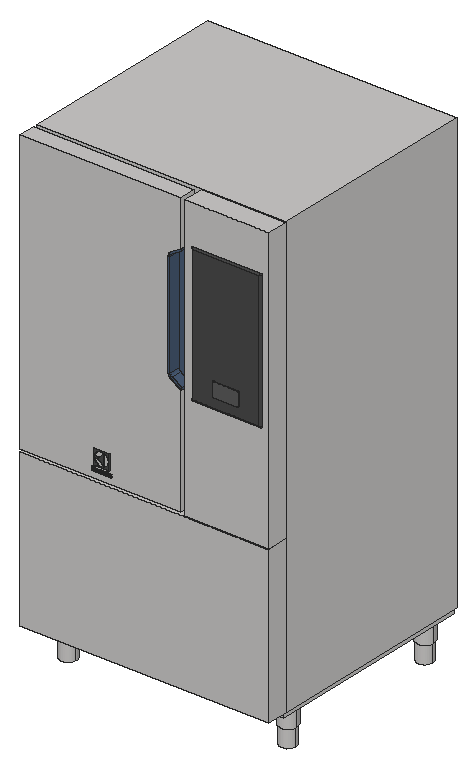
Revit family "QF_ELECTROLUXPROFESSIONAL_725077_EBFA11EP2P", category Specialty Equipment, Revit 2018 (continued)
Automatic sketch dimensions
  Split face 146 sketch curve to Extrusion 4 = 242.501 mm
  Split face 146 sketch curve to Split face 146 sketch curve = 4.974 mm
  Split face 147 sketch curve to Extrusion 4 = 392.465 mm
  Split face 147 sketch curve to Split face 147 sketch curve = 110.016 mm
  Split face 147 sketch curve to Extrusion 4 = 252.001 mm
  Split face 147 sketch curve to Split face 147 sketch curve = 4.974 mm
  Split face 148 sketch curve to Extrusion 4 = 392.465 mm
  Split face 148 sketch curve to Split face 148 sketch curve = 110.016 mm
  Split face 148 sketch curve to Extrusion 4 = 261.501 mm
  Split face 148 sketch curve to Split face 148 sketch curve = 4.974 mm
  Split face 149 sketch curve to Extrusion 4 = 392.465 mm
  Split face 149 sketch curve to Split face 149 sketch curve = 110.016 mm
  Split face 149 sketch curve to Extrusion 4 = 271.001 mm
  Split face 149 sketch curve to Split face 149 sketch curve = 4.974 mm
  Split face 150 sketch curve to Extrusion 4 = 392.465 mm
  Split face 150 sketch curve to Split face 150 sketch curve = 110.016 mm
  Split face 150 sketch curve to Extrusion 4 = 279.479 mm
  Split face 150 sketch curve to Split face 150 sketch curve = 4.974 mm
  Split face 151 sketch curve to Extrusion 4 = 392.465 mm
  Split face 151 sketch curve to Split face 151 sketch curve = 110.016 mm
  Split face 151 sketch curve to Extrusion 4 = 269.979 mm
  Split face 151 sketch curve to Split face 151 sketch curve = 4.974 mm
  Split face 152 sketch curve to Extrusion 4 = 392.465 mm
  Split face 152 sketch curve to Split face 152 sketch curve = 110.016 mm
  Split face 152 sketch curve to Extrusion 4 = 260.479 mm
  Split face 152 sketch curve to Split face 152 sketch curve = 4.974 mm
  Split face 153 sketch curve to Extrusion 4 = 392.465 mm
  Split face 153 sketch curve to Split face 153 sketch curve = 110.016 mm
  Split face 153 sketch curve to Extrusion 4 = 250.978 mm
  Split face 153 sketch curve to Split face 153 sketch curve = 4.974 mm
  Split face 154 sketch curve to Extrusion 4 = 392.465 mm
  Split face 154 sketch curve to Split face 154 sketch curve = 110.016 mm
  Split face 154 sketch curve to Extrusion 4 = 241.478 mm
  Split face 154 sketch curve to Split face 154 sketch curve = 4.974 mm
  Split face 155 sketch curve to Extrusion 4 = 392.465 mm
  Split face 155 sketch curve to Split face 155 sketch curve = 110.016 mm
  Split face 155 sketch curve to Extrusion 4 = 231.978 mm
  Split face 155 sketch curve to Split face 155 sketch curve = 4.974 mm
  Split face 156 sketch curve to Extrusion 4 = 392.465 mm
  Split face 156 sketch curve to Split face 156 sketch curve = 110.016 mm
  Split face 156 sketch curve to Extrusion 4 = 222.478 mm
  Split face 156 sketch curve to Split face 156 sketch curve = 4.974 mm
  Split face 157 sketch curve to Extrusion 4 = 392.465 mm
  Split face 157 sketch curve to Split face 157 sketch curve = 110.016 mm
  Split face 157 sketch curve to Extrusion 4 = 212.978 mm
  Split face 157 sketch curve to Split face 157 sketch curve = 4.974 mm
  Split face 158 sketch curve to Extrusion 4 = 392.465 mm
  Split face 158 sketch curve to Split face 158 sketch curve = 110.016 mm
  Split face 158 sketch curve to Extrusion 4 = 203.478 mm
  Split face 158 sketch curve to Split face 158 sketch curve = 4.974 mm
  Split face 159 sketch curve to Extrusion 4 = 193.978 mm
  Split face 159 sketch curve to Extrusion 4 = 392.465 mm
  Split face 159 sketch curve to Split face 159 sketch curve = 110.016 mm
  Split face 159 sketch curve to Split face 159 sketch curve = 4.974 mm
  Split face 160 sketch curve to Extrusion 4 = 184.478 mm
  Split face 160 sketch curve to Extrusion 4 = 392.465 mm
  Split face 160 sketch curve to Split face 160 sketch curve = 110.016 mm
  Split face 160 sketch curve to Split face 160 sketch curve = 4.974 mm
  Split face 161 sketch curve to Extrusion 4 = 174.978 mm
  Split face 161 sketch curve to Extrusion 4 = 392.465 mm
  Split face 161 sketch curve to Split face 161 sketch curve = 110.016 mm
  Split face 161 sketch curve to Split face 161 sketch curve = 4.974 mm
  Split face 162 sketch curve to Extrusion 4 = 165.478 mm
  Split face 162 sketch curve to Extrusion 4 = 392.465 mm
  Split face 162 sketch curve to Split face 162 sketch curve = 110.016 mm
  Split face 162 sketch curve to Split face 162 sketch curve = 4.974 mm
  Split face 163 sketch curve to Extrusion 4 = 155.978 mm
  Split face 163 sketch curve to Extrusion 4 = 392.465 mm
  Split face 163 sketch curve to Split face 163 sketch curve = 110.016 mm
  Split face 163 sketch curve to Split face 163 sketch curve = 4.974 mm
  Split face 164 sketch curve to Extrusion 4 = 146.478 mm
  Split face 164 sketch curve to Extrusion 4 = 392.465 mm
  Split face 164 sketch curve to Split face 164 sketch curve = 110.016 mm
  Split face 164 sketch curve to Split face 164 sketch curve = 4.974 mm
  Split face 165 sketch curve to Extrusion 4 = 33.499 mm
  Split face 165 sketch curve to Extrusion 4 = 382.543 mm
  Split face 165 sketch curve to Extrusion 4 = 28.525 mm
  Split face 165 sketch curve to Split face 165 sketch curve = 110.016 mm
  Split face 166 sketch curve to Extrusion 4 = 42.999 mm
  Split face 166 sketch curve to Extrusion 4 = 382.543 mm
  Split face 166 sketch curve to Extrusion 4 = 38.025 mm
  Split face 166 sketch curve to Split face 166 sketch curve = 110.016 mm
  Split face 167 sketch curve to Extrusion 4 = 52.499 mm
  Split face 167 sketch curve to Extrusion 4 = 382.543 mm
  Split face 167 sketch curve to Extrusion 4 = 47.525 mm
  Split face 167 sketch curve to Split face 167 sketch curve = 110.016 mm
  Split face 168 sketch curve to Extrusion 4 = 61.999 mm
  Split face 168 sketch curve to Extrusion 4 = 382.543 mm
  Split face 168 sketch curve to Split face 168 sketch curve = 110.016 mm
  Split face 168 sketch curve to Split face 168 sketch curve = 4.974 mm
  Split face 169 sketch curve to Extrusion 4 = 71.499 mm
  Split face 169 sketch curve to Extrusion 4 = 382.543 mm
  Split face 169 sketch curve to Split face 169 sketch curve = 110.016 mm
  Split face 169 sketch curve to Split face 169 sketch curve = 4.974 mm
  Split face 170 sketch curve to Extrusion 4 = 80.999 mm
  Split face 170 sketch curve to Extrusion 4 = 382.543 mm
  Split face 170 sketch curve to Split face 170 sketch curve = 110.016 mm
  Split face 170 sketch curve to Split face 170 sketch curve = 4.974 mm
  Split face 171 sketch curve to Extrusion 4 = 90.499 mm
  Split face 171 sketch curve to Extrusion 4 = 382.543 mm
  Split face 171 sketch curve to Split face 171 sketch curve = 110.016 mm
  Split face 171 sketch curve to Split face 171 sketch curve = 4.974 mm
  Split face 172 sketch curve to Extrusion 4 = 99.999 mm
  Split face 172 sketch curve to Extrusion 4 = 382.543 mm
  Split face 172 sketch curve to Split face 172 sketch curve = 110.016 mm
  Split face 172 sketch curve to Split face 172 sketch curve = 4.974 mm
  Split face 173 sketch curve to Extrusion 4 = 109.499 mm
  Split face 173 sketch curve to Extrusion 4 = 382.543 mm
  Split face 173 sketch curve to Split face 173 sketch curve = 110.016 mm
  Split face 173 sketch curve to Split face 173 sketch curve = 4.974 mm
  Split face 174 sketch curve to Extrusion 4 = 119 mm
  Split face 174 sketch curve to Extrusion 4 = 382.543 mm
  Split face 174 sketch curve to Split face 174 sketch curve = 110.016 mm
  Split face 174 sketch curve to Split face 174 sketch curve = 4.974 mm
  Split face 175 sketch curve to Extrusion 4 = 128.5 mm
  Split face 175 sketch curve to Extrusion 4 = 382.543 mm
  Split face 175 sketch curve to Split face 175 sketch curve = 110.016 mm
  Split face 175 sketch curve to Split face 175 sketch curve = 4.974 mm
  Split face 176 sketch curve to Extrusion 4 = 138 mm
  Split face 176 sketch curve to Extrusion 4 = 382.543 mm
  Split face 176 sketch curve to Split face 176 sketch curve = 110.016 mm
  Split face 176 sketch curve to Split face 176 sketch curve = 4.974 mm
  Split face 177 sketch curve to Extrusion 4 = 147.5 mm
  Split face 177 sketch curve to Extrusion 4 = 382.543 mm
  Split face 177 sketch curve to Split face 177 sketch curve = 110.016 mm
  Split face 177 sketch curve to Split face 177 sketch curve = 4.974 mm
  Split face 178 sketch curve to Extrusion 4 = 157 mm
  Split face 178 sketch curve to Extrusion 4 = 382.543 mm
  Split face 178 sketch curve to Split face 178 sketch curve = 110.016 mm
  Split face 178 sketch curve to Split face 178 sketch curve = 4.974 mm
  Split face 179 sketch curve to Extrusion 4 = 166.5 mm
  Split face 179 sketch curve to Extrusion 4 = 382.543 mm
  Split face 179 sketch curve to Split face 179 sketch curve = 110.016 mm
  Split face 179 sketch curve to Split face 179 sketch curve = 4.974 mm
  Split face 180 sketch curve to Extrusion 4 = 176 mm
  Split face 180 sketch curve to Extrusion 4 = 382.543 mm
  Split face 180 sketch curve to Split face 180 sketch curve = 110.016 mm
  Split face 180 sketch curve to Split face 180 sketch curve = 4.974 mm
  Split face 181 sketch curve to Extrusion 4 = 185.5 mm
  Split face 181 sketch curve to Extrusion 4 = 382.543 mm
  Split face 181 sketch curve to Split face 181 sketch curve = 110.016 mm
  Split face 181 sketch curve to Split face 181 sketch curve = 4.974 mm
  Split face 182 sketch curve to Extrusion 4 = 382.543 mm
  Split face 182 sketch curve to Split face 182 sketch curve = 110.016 mm
  Split face 182 sketch curve to Extrusion 4 = 195 mm
  Split face 182 sketch curve to Split face 182 sketch curve = 4.974 mm
  Split face 183 sketch curve to Extrusion 4 = 382.543 mm
  Split face 183 sketch curve to Split face 183 sketch curve = 110.016 mm
  Split face 183 sketch curve to Extrusion 4 = 204.5 mm
  Split face 183 sketch curve to Split face 183 sketch curve = 4.974 mm
  Split face 184 sketch curve to Extrusion 4 = 382.543 mm
  Split face 184 sketch curve to Split face 184 sketch curve = 110.016 mm
  Split face 184 sketch curve to Extrusion 4 = 214 mm
  Split face 184 sketch curve to Split face 184 sketch curve = 4.974 mm
  Split face 185 sketch curve to Extrusion 4 = 382.543 mm
  Split face 185 sketch curve to Split face 185 sketch curve = 110.016 mm
  Split face 185 sketch curve to Extrusion 4 = 223.5 mm
  Split face 185 sketch curve to Split face 185 sketch curve = 4.974 mm
  Split face 186 sketch curve to Extrusion 4 = 382.543 mm
  Split face 186 sketch curve to Split face 186 sketch curve = 110.016 mm
  Split face 186 sketch curve to Extrusion 4 = 233.001 mm
  Split face 186 sketch curve to Split face 186 sketch curve = 4.974 mm
  Split face 187 sketch curve to Extrusion 4 = 382.543 mm
  Split face 187 sketch curve to Split face 187 sketch curve = 110.016 mm
  Split face 187 sketch curve to Extrusion 4 = 242.501 mm
  Split face 187 sketch curve to Split face 187 sketch curve = 4.974 mm
  Split face 188 sketch curve to Extrusion 4 = 382.543 mm
  Split face 188 sketch curve to Split face 188 sketch curve = 110.016 mm
  Split face 188 sketch curve to Extrusion 4 = 252.001 mm
  Split face 188 sketch curve to Split face 188 sketch curve = 4.974 mm
  Split face 189 sketch curve to Extrusion 4 = 382.543 mm
  Split face 189 sketch curve to Split face 189 sketch curve = 110.016 mm
  Split face 189 sketch curve to Extrusion 4 = 261.501 mm
  Split face 189 sketch curve to Split face 189 sketch curve = 4.974 mm
  Split face 190 sketch curve to Extrusion 4 = 382.543 mm
  Split face 190 sketch curve to Split face 190 sketch curve = 110.016 mm
  Split face 190 sketch curve to Extrusion 4 = 271.001 mm
  Split face 190 sketch curve to Split face 190 sketch curve = 4.974 mm
  Split face 191 sketch curve to Extrusion 4 = 382.543 mm
  Split face 191 sketch curve to Split face 191 sketch curve = 110.016 mm
  Split face 191 sketch curve to Extrusion 4 = 279.479 mm
  Split face 191 sketch curve to Split face 191 sketch curve = 4.974 mm
  Split face 192 sketch curve to Extrusion 4 = 382.543 mm
  Split face 192 sketch curve to Split face 192 sketch curve = 110.016 mm
  Split face 192 sketch curve to Extrusion 4 = 269.979 mm
  Split face 192 sketch curve to Split face 192 sketch curve = 4.974 mm
  Split face 193 sketch curve to Extrusion 4 = 382.543 mm
  Split face 193 sketch curve to Split face 193 sketch curve = 110.016 mm
  Split face 193 sketch curve to Extrusion 4 = 260.479 mm
  Split face 193 sketch curve to Split face 193 sketch curve = 4.974 mm
  Split face 194 sketch curve to Extrusion 4 = 382.543 mm
  Split face 194 sketch curve to Split face 194 sketch curve = 110.016 mm
  Split face 194 sketch curve to Extrusion 4 = 250.978 mm
  Split face 194 sketch curve to Split face 194 sketch curve = 4.974 mm
  Split face 195 sketch curve to Extrusion 4 = 382.543 mm
  Split face 195 sketch curve to Split face 195 sketch curve = 110.016 mm
  Split face 195 sketch curve to Extrusion 4 = 241.478 mm
  Split face 195 sketch curve to Split face 195 sketch curve = 4.974 mm
  Split face 196 sketch curve to Extrusion 4 = 382.543 mm
  Split face 196 sketch curve to Split face 196 sketch curve = 110.016 mm
  Split face 196 sketch curve to Extrusion 4 = 231.978 mm
  Split face 196 sketch curve to Split face 196 sketch curve = 4.974 mm
  Split face 197 sketch curve to Extrusion 4 = 382.543 mm
  Split face 197 sketch curve to Split face 197 sketch curve = 110.016 mm
  Split face 197 sketch curve to Extrusion 4 = 222.478 mm
  Split face 197 sketch curve to Split face 197 sketch curve = 4.974 mm
  Split face 198 sketch curve to Extrusion 4 = 382.543 mm
  Split face 198 sketch curve to Split face 198 sketch curve = 110.016 mm
  Split face 198 sketch curve to Extrusion 4 = 212.978 mm
  Split face 198 sketch curve to Split face 198 sketch curve = 4.974 mm
  Split face 199 sketch curve to Extrusion 4 = 382.543 mm
  Split face 199 sketch curve to Split face 199 sketch curve = 110.016 mm
  Split face 199 sketch curve to Extrusion 4 = 203.478 mm
  Split face 199 sketch curve to Split face 199 sketch curve = 4.974 mm
  Split face 200 sketch curve to Extrusion 4 = 382.543 mm
  Split face 200 sketch curve to Split face 200 sketch curve = 110.016 mm
  Split face 200 sketch curve to Extrusion 4 = 193.978 mm
  Split face 200 sketch curve to Split face 200 sketch curve = 4.974 mm
  Split face 201 sketch curve to Extrusion 4 = 184.478 mm
  Split face 201 sketch curve to Extrusion 4 = 382.543 mm
  Split face 201 sketch curve to Split face 201 sketch curve = 110.016 mm
  Split face 201 sketch curve to Split face 201 sketch curve = 4.974 mm
  Split face 202 sketch curve to Extrusion 4 = 174.978 mm
  Split face 202 sketch curve to Extrusion 4 = 382.543 mm
  Split face 202 sketch curve to Split face 202 sketch curve = 110.016 mm
  Split face 202 sketch curve to Split face 202 sketch curve = 4.974 mm
  Split face 203 sketch curve to Extrusion 4 = 165.478 mm
  Split face 203 sketch curve to Extrusion 4 = 382.543 mm
  Split face 203 sketch curve to Split face 203 sketch curve = 110.016 mm
  Split face 203 sketch curve to Split face 203 sketch curve = 4.974 mm
  Split face 204 sketch curve to Extrusion 4 = 155.978 mm
  Split face 204 sketch curve to Extrusion 4 = 382.543 mm
  Split face 204 sketch curve to Split face 204 sketch curve = 110.016 mm
  Split face 204 sketch curve to Split face 204 sketch curve = 4.974 mm
  Split face 205 sketch curve to Extrusion 4 = 146.478 mm
  Split face 205 sketch curve to Extrusion 4 = 382.543 mm
  Split face 205 sketch curve to Split face 205 sketch curve = 110.016 mm
  Split face 205 sketch curve to Split face 205 sketch curve = 4.974 mm
  Split face 206 sketch curve to Extrusion 4 = 33.499 mm
  Split face 206 sketch curve to Extrusion 4 = 262.552 mm
  Split face 206 sketch curve to Extrusion 4 = 28.525 mm
  Split face 206 sketch curve to Split face 206 sketch curve = 110.016 mm
  Split face 207 sketch curve to Extrusion 4 = 42.999 mm
  Split face 207 sketch curve to Extrusion 4 = 262.552 mm
  Split face 207 sketch curve to Extrusion 4 = 38.025 mm
  Split face 207 sketch curve to Split face 207 sketch curve = 110.016 mm
  Split face 208 sketch curve to Extrusion 4 = 52.499 mm
  Split face 208 sketch curve to Extrusion 4 = 262.552 mm
  Split face 208 sketch curve to Extrusion 4 = 47.525 mm
  Split face 208 sketch curve to Split face 208 sketch curve = 110.016 mm
  Split face 209 sketch curve to Extrusion 4 = 61.999 mm
  Split face 209 sketch curve to Extrusion 4 = 262.552 mm
  Split face 209 sketch curve to Split face 209 sketch curve = 110.016 mm
  Split face 209 sketch curve to Split face 209 sketch curve = 4.974 mm
  Split face 210 sketch curve to Extrusion 4 = 71.499 mm
  Split face 210 sketch curve to Extrusion 4 = 262.552 mm
  Split face 210 sketch curve to Split face 210 sketch curve = 110.016 mm
  Split face 210 sketch curve to Split face 210 sketch curve = 4.974 mm
  Split face 211 sketch curve to Extrusion 4 = 80.999 mm
  Split face 211 sketch curve to Extrusion 4 = 262.552 mm
  Split face 211 sketch curve to Split face 211 sketch curve = 110.016 mm
  Split face 211 sketch curve to Split face 211 sketch curve = 4.974 mm
  Split face 212 sketch curve to Extrusion 4 = 90.499 mm
  Split face 212 sketch curve to Extrusion 4 = 262.552 mm
  Split face 212 sketch curve to Split face 212 sketch curve = 110.016 mm
  Split face 212 sketch curve to Split face 212 sketch curve = 4.974 mm
  Split face 213 sketch curve to Extrusion 4 = 99.999 mm
  Split face 213 sketch curve to Extrusion 4 = 262.552 mm
  Split face 213 sketch curve to Split face 213 sketch curve = 110.016 mm
  Split face 213 sketch curve to Split face 213 sketch curve = 4.974 mm
  Split face 214 sketch curve to Extrusion 4 = 109.499 mm
  Split face 214 sketch curve to Extrusion 4 = 262.552 mm
  Split face 214 sketch curve to Split face 214 sketch curve = 110.016 mm
  Split face 214 sketch curve to Split face 214 sketch curve = 4.974 mm
  Split face 215 sketch curve to Extrusion 4 = 119 mm
  Split face 215 sketch curve to Extrusion 4 = 262.552 mm
  Split face 215 sketch curve to Split face 215 sketch curve = 110.016 mm
  Split face 215 sketch curve to Split face 215 sketch curve = 4.974 mm
  Split face 216 sketch curve to Extrusion 4 = 128.5 mm
  Split face 216 sketch curve to Extrusion 4 = 262.552 mm
  Split face 216 sketch curve to Split face 216 sketch curve = 110.016 mm
  Split face 216 sketch curve to Split face 216 sketch curve = 4.974 mm
  Split face 217 sketch curve to Extrusion 4 = 262.552 mm
  Split face 217 sketch curve to Split face 217 sketch curve = 110.016 mm
  Split face 217 sketch curve to Extrusion 4 = 138 mm
  Split face 217 sketch curve to Split face 217 sketch curve = 4.974 mm
  Split face 218 sketch curve to Extrusion 4 = 262.552 mm
  Split face 218 sketch curve to Split face 218 sketch curve = 110.016 mm
  Split face 218 sketch curve to Extrusion 4 = 147.5 mm
  Split face 218 sketch curve to Split face 218 sketch curve = 4.974 mm
  Split face 219 sketch curve to Extrusion 4 = 262.552 mm
  Split face 219 sketch curve to Split face 219 sketch curve = 110.016 mm
  Split face 219 sketch curve to Extrusion 4 = 157 mm
  Split face 219 sketch curve to Split face 219 sketch curve = 4.974 mm
  Split face 220 sketch curve to Extrusion 4 = 262.552 mm
  Split face 220 sketch curve to Split face 220 sketch curve = 110.016 mm
  Split face 220 sketch curve to Extrusion 4 = 166.5 mm
  Split face 220 sketch curve to Split face 220 sketch curve = 4.974 mm
  Split face 221 sketch curve to Extrusion 4 = 262.552 mm
  Split face 221 sketch curve to Split face 221 sketch curve = 110.016 mm
  Split face 221 sketch curve to Extrusion 4 = 176 mm
  Split face 221 sketch curve to Split face 221 sketch curve = 4.974 mm
  Split face 222 sketch curve to Extrusion 4 = 262.552 mm
  Split face 222 sketch curve to Split face 222 sketch curve = 110.016 mm
  Split face 222 sketch curve to Extrusion 4 = 185.5 mm
  Split face 222 sketch curve to Split face 222 sketch curve = 4.974 mm
  Split face 223 sketch curve to Extrusion 4 = 262.552 mm
  Split face 223 sketch curve to Split face 223 sketch curve = 110.016 mm
  Split face 223 sketch curve to Extrusion 4 = 195 mm
  Split face 223 sketch curve to Split face 223 sketch curve = 4.974 mm
  Split face 224 sketch curve to Extrusion 4 = 262.552 mm
  Split face 224 sketch curve to Split face 224 sketch curve = 110.016 mm
  Split face 224 sketch curve to Extrusion 4 = 204.5 mm
  Split face 224 sketch curve to Split face 224 sketch curve = 4.974 mm
  Split face 225 sketch curve to Extrusion 4 = 262.552 mm
  Split face 225 sketch curve to Split face 225 sketch curve = 110.016 mm
  Split face 225 sketch curve to Extrusion 4 = 214 mm
  Split face 225 sketch curve to Split face 225 sketch curve = 4.974 mm
  Split face 226 sketch curve to Extrusion 4 = 262.552 mm
  Split face 226 sketch curve to Split face 226 sketch curve = 110.016 mm
  Split face 226 sketch curve to Extrusion 4 = 223.5 mm
  Split face 226 sketch curve to Split face 226 sketch curve = 4.974 mm
  Split face 227 sketch curve to Extrusion 4 = 262.552 mm
  Split face 227 sketch curve to Split face 227 sketch curve = 110.016 mm
  Split face 227 sketch curve to Extrusion 4 = 233.001 mm
  Split face 227 sketch curve to Split face 227 sketch curve = 4.974 mm
  Split face 228 sketch curve to Extrusion 4 = 262.552 mm
  Split face 228 sketch curve to Split face 228 sketch curve = 110.016 mm
  Split face 228 sketch curve to Extrusion 4 = 242.501 mm
  Split face 228 sketch curve to Split face 228 sketch curve = 4.974 mm
  Split face 229 sketch curve to Extrusion 4 = 262.552 mm
  Split face 229 sketch curve to Split face 229 sketch curve = 110.016 mm
  Split face 229 sketch curve to Extrusion 4 = 252.001 mm
  Split face 229 sketch curve to Split face 229 sketch curve = 4.974 mm
  Split face 230 sketch curve to Extrusion 4 = 262.552 mm
  Split face 230 sketch curve to Split face 230 sketch curve = 110.016 mm
  Split face 230 sketch curve to Extrusion 4 = 261.501 mm
  Split face 230 sketch curve to Split face 230 sketch curve = 4.974 mm
  Split face 231 sketch curve to Extrusion 4 = 262.552 mm
  Split face 231 sketch curve to Split face 231 sketch curve = 110.016 mm
  Split face 231 sketch curve to Extrusion 4 = 271.001 mm
  Split face 231 sketch curve to Split face 231 sketch curve = 4.974 mm
  Split face 232 sketch curve to Extrusion 4 = 262.552 mm
  Split face 232 sketch curve to Split face 232 sketch curve = 110.016 mm
  Split face 232 sketch curve to Extrusion 4 = 279.479 mm
  Split face 232 sketch curve to Split face 232 sketch curve = 4.974 mm
  Split face 233 sketch curve to Extrusion 4 = 262.552 mm
  Split face 233 sketch curve to Split face 233 sketch curve = 110.016 mm
  Split face 233 sketch curve to Extrusion 4 = 269.979 mm
  Split face 233 sketch curve to Split face 233 sketch curve = 4.974 mm
  Split face 234 sketch curve to Extrusion 4 = 262.552 mm
  Split face 234 sketch curve to Split face 234 sketch curve = 110.016 mm
  Split face 234 sketch curve to Extrusion 4 = 260.479 mm
  Split face 234 sketch curve to Split face 234 sketch curve = 4.974 mm
  Split face 235 sketch curve to Extrusion 4 = 262.552 mm
  Split face 235 sketch curve to Split face 235 sketch curve = 110.016 mm
  Split face 235 sketch curve to Extrusion 4 = 250.978 mm
  Split face 235 sketch curve to Split face 235 sketch curve = 4.974 mm
  Split face 236 sketch curve to Extrusion 4 = 262.552 mm
  Split face 236 sketch curve to Split face 236 sketch curve = 110.016 mm
  Split face 236 sketch curve to Extrusion 4 = 241.478 mm
  Split face 236 sketch curve to Split face 236 sketch curve = 4.974 mm
  Split face 237 sketch curve to Extrusion 4 = 262.552 mm
  Split face 237 sketch curve to Split face 237 sketch curve = 110.016 mm
  Split face 237 sketch curve to Extrusion 4 = 231.978 mm
  Split face 237 sketch curve to Split face 237 sketch curve = 4.974 mm
  Split face 238 sketch curve to Extrusion 4 = 262.552 mm
  Split face 238 sketch curve to Split face 238 sketch curve = 110.016 mm
  Split face 238 sketch curve to Extrusion 4 = 222.478 mm
  Split face 238 sketch curve to Split face 238 sketch curve = 4.974 mm
  Split face 239 sketch curve to Extrusion 4 = 262.552 mm
  Split face 239 sketch curve to Split face 239 sketch curve = 110.016 mm
  Split face 239 sketch curve to Extrusion 4 = 212.978 mm
  Split face 239 sketch curve to Split face 239 sketch curve = 4.974 mm
  Split face 240 sketch curve to Extrusion 4 = 262.552 mm
  Split face 240 sketch curve to Split face 240 sketch curve = 110.016 mm
  Split face 240 sketch curve to Extrusion 4 = 203.478 mm
  Split face 240 sketch curve to Split face 240 sketch curve = 4.974 mm
  Split face 241 sketch curve to Extrusion 4 = 262.552 mm
  Split face 241 sketch curve to Split face 241 sketch curve = 110.016 mm
  Split face 241 sketch curve to Extrusion 4 = 193.978 mm
  Split face 241 sketch curve to Split face 241 sketch curve = 4.974 mm
  Split face 242 sketch curve to Extrusion 4 = 262.552 mm
  Split face 242 sketch curve to Split face 242 sketch curve = 110.016 mm
  Split face 242 sketch curve to Extrusion 4 = 184.478 mm
  Split face 242 sketch curve to Split face 242 sketch curve = 4.974 mm
  Split face 243 sketch curve to Extrusion 4 = 262.552 mm
  Split face 243 sketch curve to Split face 243 sketch curve = 110.016 mm
  Split face 243 sketch curve to Extrusion 4 = 174.978 mm
  Split face 243 sketch curve to Split face 243 sketch curve = 4.974 mm
  Split face 244 sketch curve to Extrusion 4 = 262.552 mm
  Split face 244 sketch curve to Split face 244 sketch curve = 110.016 mm
  Split face 244 sketch curve to Extrusion 4 = 165.478 mm
  Split face 244 sketch curve to Split face 244 sketch curve = 4.974 mm
  Split face 245 sketch curve to Extrusion 4 = 262.552 mm
  Split face 245 sketch curve to Split face 245 sketch curve = 110.016 mm
  Split face 245 sketch curve to Extrusion 4 = 155.978 mm
  Split face 245 sketch curve to Split face 245 sketch curve = 4.974 mm
  Split face 246 sketch curve to Extrusion 4 = 262.552 mm
  Split face 246 sketch curve to Split face 246 sketch curve = 110.016 mm
  Split face 246 sketch curve to Extrusion 4 = 146.478 mm
  Split face 246 sketch curve to Split face 246 sketch curve = 4.974 mm
  Split face 247 sketch curve to Extrusion 4 = 33.499 mm
  Split face 247 sketch curve to Extrusion 4 = 142.561 mm
  Split face 247 sketch curve to Extrusion 4 = 32.544 mm
  Split face 247 sketch curve to Split face 247 sketch curve = 4.974 mm
  Split face 248 sketch curve to Extrusion 4 = 42.999 mm
  Split face 248 sketch curve to Extrusion 4 = 142.561 mm
  Split face 248 sketch curve to Extrusion 4 = 32.544 mm
  Split face 248 sketch curve to Split face 248 sketch curve = 4.974 mm
  Split face 249 sketch curve to Extrusion 4 = 52.499 mm
  Split face 249 sketch curve to Extrusion 4 = 142.561 mm
  Split face 249 sketch curve to Extrusion 4 = 32.544 mm
  Split face 249 sketch curve to Split face 249 sketch curve = 4.974 mm
  Split face 250 sketch curve to Extrusion 4 = 61.999 mm
  Split face 250 sketch curve to Extrusion 4 = 142.561 mm
  Split face 250 sketch curve to Extrusion 4 = 32.544 mm
  Split face 250 sketch curve to Split face 250 sketch curve = 4.974 mm
  Split face 251 sketch curve to Extrusion 4 = 142.561 mm
  Split face 251 sketch curve to Extrusion 4 = 32.544 mm
  Split face 251 sketch curve to Extrusion 4 = 71.499 mm
  Split face 251 sketch curve to Split face 251 sketch curve = 4.974 mm
  Split face 252 sketch curve to Extrusion 4 = 142.561 mm
  Split face 252 sketch curve to Extrusion 4 = 32.544 mm
  Split face 252 sketch curve to Extrusion 4 = 80.999 mm
  Split face 252 sketch curve to Split face 252 sketch curve = 4.974 mm
  Split face 253 sketch curve to Extrusion 4 = 142.561 mm
  Split face 253 sketch curve to Extrusion 4 = 32.544 mm
  Split face 253 sketch curve to Extrusion 4 = 90.499 mm
  Split face 253 sketch curve to Split face 253 sketch curve = 4.974 mm
  Split face 254 sketch curve to Extrusion 4 = 142.561 mm
  Split face 254 sketch curve to Extrusion 4 = 32.544 mm
  Split face 254 sketch curve to Extrusion 4 = 99.999 mm
  Split face 254 sketch curve to Split face 254 sketch curve = 4.974 mm
  Split face 255 sketch curve to Extrusion 4 = 142.561 mm
  Split face 255 sketch curve to Extrusion 4 = 32.544 mm
  Split face 255 sketch curve to Extrusion 4 = 109.499 mm
  Split face 255 sketch curve to Split face 255 sketch curve = 4.974 mm
  Split face 256 sketch curve to Extrusion 4 = 142.561 mm
  Split face 256 sketch curve to Extrusion 4 = 32.544 mm
  Split face 256 sketch curve to Extrusion 4 = 119 mm
  Split face 256 sketch curve to Split face 256 sketch curve = 4.974 mm
  Split face 257 sketch curve to Extrusion 4 = 142.561 mm
  Split face 257 sketch curve to Extrusion 4 = 32.544 mm
  Split face 257 sketch curve to Extrusion 4 = 128.5 mm
  Split face 257 sketch curve to Split face 257 sketch curve = 4.974 mm
  Split face 258 sketch curve to Extrusion 4 = 142.561 mm
  Split face 258 sketch curve to Extrusion 4 = 32.544 mm
  Split face 258 sketch curve to Extrusion 4 = 138 mm
  Split face 258 sketch curve to Split face 258 sketch curve = 4.974 mm
  Split face 259 sketch curve to Extrusion 4 = 142.561 mm
  Split face 259 sketch curve to Extrusion 4 = 32.544 mm
  Split face 259 sketch curve to Extrusion 4 = 147.5 mm
  Split face 259 sketch curve to Split face 259 sketch curve = 4.974 mm
  Split face 260 sketch curve to Extrusion 4 = 142.561 mm
  Split face 260 sketch curve to Extrusion 4 = 32.544 mm
  Split face 260 sketch curve to Extrusion 4 = 157 mm
  Split face 260 sketch curve to Split face 260 sketch curve = 4.974 mm
  Split face 261 sketch curve to Extrusion 4 = 142.561 mm
  Split face 261 sketch curve to Extrusion 4 = 32.544 mm
  Split face 261 sketch curve to Extrusion 4 = 166.5 mm
  Split face 261 sketch curve to Split face 261 sketch curve = 4.974 mm
  Split face 262 sketch curve to Extrusion 4 = 142.561 mm
  Split face 262 sketch curve to Extrusion 4 = 32.544 mm
  Split face 262 sketch curve to Extrusion 4 = 176 mm
  Split face 262 sketch curve to Split face 262 sketch curve = 4.974 mm
  Split face 263 sketch curve to Extrusion 4 = 142.561 mm
  Split face 263 sketch curve to Extrusion 4 = 32.544 mm
  Split face 263 sketch curve to Extrusion 4 = 185.5 mm
  Split face 263 sketch curve to Split face 263 sketch curve = 4.974 mm
  Split face 264 sketch curve to Extrusion 4 = 142.561 mm
  Split face 264 sketch curve to Extrusion 4 = 32.544 mm
  Split face 264 sketch curve to Extrusion 4 = 195 mm
  Split face 264 sketch curve to Split face 264 sketch curve = 4.974 mm
  Split face 265 sketch curve to Extrusion 4 = 142.561 mm
  Split face 265 sketch curve to Extrusion 4 = 32.544 mm
  Split face 265 sketch curve to Extrusion 4 = 204.5 mm
  Split face 265 sketch curve to Split face 265 sketch curve = 4.974 mm
  Split face 266 sketch curve to Extrusion 4 = 142.561 mm
  Split face 266 sketch curve to Extrusion 4 = 32.544 mm
  Split face 266 sketch curve to Extrusion 4 = 214 mm
  Split face 266 sketch curve to Split face 266 sketch curve = 4.974 mm
  Split face 267 sketch curve to Extrusion 4 = 142.561 mm
  Split face 267 sketch curve to Extrusion 4 = 32.544 mm
  Split face 267 sketch curve to Extrusion 4 = 223.5 mm
  Split face 267 sketch curve to Split face 267 sketch curve = 4.974 mm
  Split face 268 sketch curve to Extrusion 4 = 142.561 mm
  Split face 268 sketch curve to Extrusion 4 = 32.544 mm
  Split face 268 sketch curve to Extrusion 4 = 233.001 mm
  Split face 268 sketch curve to Split face 268 sketch curve = 4.974 mm
  Split face 269 sketch curve to Extrusion 4 = 142.561 mm
  Split face 269 sketch curve to Extrusion 4 = 32.544 mm
  Split face 269 sketch curve to Extrusion 4 = 242.501 mm
  Split face 269 sketch curve to Split face 269 sketch curve = 4.974 mm
  Split face 270 sketch curve to Extrusion 4 = 142.561 mm
  Split face 270 sketch curve to Extrusion 4 = 32.544 mm
  Split face 270 sketch curve to Extrusion 4 = 252.001 mm
  Split face 270 sketch curve to Split face 270 sketch curve = 4.974 mm
  Split face 271 sketch curve to Extrusion 4 = 142.561 mm
  Split face 271 sketch curve to Extrusion 4 = 32.544 mm
  Split face 271 sketch curve to Extrusion 4 = 261.501 mm
  Split face 271 sketch curve to Split face 271 sketch curve = 4.974 mm
  Split face 272 sketch curve to Extrusion 4 = 142.561 mm
  Split face 272 sketch curve to Extrusion 4 = 32.544 mm
  Split face 272 sketch curve to Extrusion 4 = 271.001 mm
  Split face 272 sketch curve to Split face 272 sketch curve = 4.974 mm
  Split face 273 sketch curve to Extrusion 4 = 142.561 mm
  Split face 273 sketch curve to Extrusion 4 = 32.544 mm
  Split face 273 sketch curve to Extrusion 4 = 279.479 mm
  Split face 273 sketch curve to Split face 273 sketch curve = 4.974 mm
  Split face 274 sketch curve to Extrusion 4 = 142.561 mm
  Split face 274 sketch curve to Extrusion 4 = 32.544 mm
  Split face 274 sketch curve to Extrusion 4 = 269.979 mm
  Split face 274 sketch curve to Split face 274 sketch curve = 4.974 mm
  Split face 275 sketch curve to Extrusion 4 = 142.561 mm
  Split face 275 sketch curve to Extrusion 4 = 32.544 mm
  Split face 275 sketch curve to Extrusion 4 = 260.479 mm
  Split face 275 sketch curve to Split face 275 sketch curve = 4.974 mm
  Split face 276 sketch curve to Extrusion 4 = 142.561 mm
  Split face 276 sketch curve to Extrusion 4 = 32.544 mm
  Split face 276 sketch curve to Extrusion 4 = 250.978 mm
  Split face 276 sketch curve to Split face 276 sketch curve = 4.974 mm
  Split face 277 sketch curve to Extrusion 4 = 142.561 mm
  Split face 277 sketch curve to Extrusion 4 = 32.544 mm
  Split face 277 sketch curve to Extrusion 4 = 241.478 mm
  Split face 277 sketch curve to Split face 277 sketch curve = 4.974 mm
  Split face 278 sketch curve to Extrusion 4 = 142.561 mm
  Split face 278 sketch curve to Extrusion 4 = 32.544 mm
  Split face 278 sketch curve to Extrusion 4 = 231.978 mm
  Split face 278 sketch curve to Split face 278 sketch curve = 4.974 mm
  Split face 279 sketch curve to Extrusion 4 = 142.561 mm
  Split face 279 sketch curve to Extrusion 4 = 32.544 mm
  Split face 279 sketch curve to Extrusion 4 = 222.478 mm
  Split face 279 sketch curve to Split face 279 sketch curve = 4.974 mm
  Split face 280 sketch curve to Extrusion 4 = 142.561 mm
  Split face 280 sketch curve to Extrusion 4 = 32.544 mm
  Split face 280 sketch curve to Extrusion 4 = 212.978 mm
  Split face 280 sketch curve to Split face 280 sketch curve = 4.974 mm
  Split face 281 sketch curve to Extrusion 4 = 142.561 mm
  Split face 281 sketch curve to Extrusion 4 = 32.544 mm
  Split face 281 sketch curve to Extrusion 4 = 203.478 mm
  Split face 281 sketch curve to Split face 281 sketch curve = 4.974 mm
  Split face 282 sketch curve to Extrusion 4 = 142.561 mm
  Split face 282 sketch curve to Extrusion 4 = 32.544 mm
  Split face 282 sketch curve to Extrusion 4 = 193.978 mm
  Split face 282 sketch curve to Split face 282 sketch curve = 4.974 mm
  Split face 283 sketch curve to Extrusion 4 = 142.561 mm
  Split face 283 sketch curve to Extrusion 4 = 32.544 mm
  Split face 283 sketch curve to Extrusion 4 = 184.478 mm
  Split face 283 sketch curve to Split face 283 sketch curve = 4.974 mm
  Split face 284 sketch curve to Extrusion 4 = 142.561 mm
  Split face 284 sketch curve to Extrusion 4 = 32.544 mm
  Split face 284 sketch curve to Extrusion 4 = 174.978 mm
  Split face 284 sketch curve to Split face 284 sketch curve = 4.974 mm
  Split face 285 sketch curve to Extrusion 4 = 142.561 mm
  Split face 285 sketch curve to Extrusion 4 = 32.544 mm
  Split face 285 sketch curve to Extrusion 4 = 165.478 mm
  Split face 285 sketch curve to Split face 285 sketch curve = 4.974 mm
  Split face 286 sketch curve to Extrusion 4 = 142.561 mm
  Split face 286 sketch curve to Extrusion 4 = 32.544 mm
  Split face 286 sketch curve to Extrusion 4 = 155.978 mm
  Split face 286 sketch curve to Split face 286 sketch curve = 4.974 mm
  Split face 287 sketch curve to Extrusion 4 = 142.561 mm
  Split face 287 sketch curve to Extrusion 4 = 32.544 mm
  Split face 287 sketch curve to Extrusion 4 = 146.478 mm
  Split face 287 sketch curve to Split face 287 sketch curve = 4.974 mm
  Extrusion 14 sketch curve to plane 9 "TOP" = 0 mm
  plane 7 "FRONT" to Extrusion 14 sketch curve = 0 mm
  Extrusion 14 sketch curve to Extrusion 14 sketch curve = 8.487 mm
  Extrusion 14 sketch curve to Extrusion 14 sketch curve = 8.95 mm
  Extrusion 14 sketch curve to Extrusion 14 sketch curve = 10.513 mm
  Extrusion 14 sketch curve to Extrusion 14 sketch curve = 20 mm
  Extrusion 14 sketch curve to Extrusion 14 sketch curve = 35.79 mm
  Extrusion 14 sketch curve to Extrusion 14 sketch curve = 36.253 mm
  Extrusion 14 sketch curve to Extrusion 14 sketch curve = 162.03 mm
  Extrusion 14 sketch curve to Extrusion 14 sketch curve = 24.082 mm
  Extrusion 14 sketch curve to Extrusion 14 sketch curve = 374.913 mm
  Extrusion 14 sketch curve to Extrusion 14 sketch curve = 23.723 mm
  plane 8 to Extrusion 14 sketch curve = 589.524 mm
  Extrusion 15 sketch curve to Extrusion 15 sketch curve = 8.487 mm
  Extrusion 15 sketch curve to Extrusion 15 sketch curve = 8.95 mm
  Extrusion 15 sketch curve to Extrusion 15 sketch curve = 19 mm
  Extrusion 15 sketch curve to Extrusion 15 sketch curve = 11.05 mm
  Extrusion 15 sketch curve to plane 9 "TOP" = 186.112 mm
  Extrusion 15 sketch curve to Extrusion 15 sketch curve = 374.913 mm
  Extrusion 15 sketch curve to Extrusion 15 sketch curve = 36.253 mm
  Extrusion 15 sketch curve to Extrusion 15 sketch curve = 35.79 mm
  Extrusion 15 sketch curve to Extrusion 15 sketch curve = 0 mm  (x3)
  Extrusion 15 sketch curve to Extrusion 15 sketch curve = 24.082 mm
  Extrusion 15 sketch curve to Extrusion 15 sketch curve = 23.723 mm
  Extrusion 16 sketch curve to Extrusion 16 sketch curve = 0 mm  (x7)
  Extrusion 16 sketch curve to Extrusion 16 sketch curve = 2.5 mm  (x2)
  Extrusion 16 sketch curve to Extrusion 16 sketch curve = 7.459 mm
  Extrusion 16 sketch curve to Extrusion 16 sketch curve = 6.917 mm
  Extrusion 16 sketch curve to Extrusion 16 sketch curve = 3.591 mm
  Extrusion 16 sketch curve to Extrusion 16 sketch curve = 3.597 mm
  Extrusion 16 sketch curve to Extrusion 16 sketch curve = 5.583 mm
  Extrusion 16 sketch curve to Extrusion 16 sketch curve = 6.5 mm
  Extrusion 16 sketch curve to plane 9 "TOP" = 162.03 mm
  Extrusion 16 sketch curve to Extrusion 16 sketch curve = 6.143 mm
  Extrusion 16 sketch curve to Extrusion 16 sketch curve = 17.939 mm
  Extrusion 16 sketch curve to Extrusion 16 sketch curve = 374.913 mm
  Extrusion 16 sketch curve to Extrusion 16 sketch curve = 23 mm
  Extrusion 16 sketch curve to Extrusion 16 sketch curve = 6.141 mm
  Extrusion 14 sketch curve to plane 7 "FRONT" = 491.76 mm
  Extrusion 15 sketch curve to plane 7 "FRONT" = 491.76 mm
  Extrusion 16 sketch curve to plane 7 "FRONT" = 539 mm
  Extrusion 16 sketch curve to Extrusion 16 sketch curve = 27.24 mm
  Extrusion 16 sketch curve to Extrusion 16 sketch curve = 28.24 mm
  curve 21 to plane 4 "LEFT" = 0 mm
  curve 19 to plane 4 "LEFT" = 0 mm
  curve 27 to plane 7 "FRONT" = 0 mm
  curve 18 to plane 7 "FRONT" = 0 mm
  plane 7 "FRONT" to curve 23 = 60 mm
  plane 3 "Center Y" to curve 23 = 130.7 mm
  curve 25 to plane 7 "FRONT" = 1 mm
  curve 22 to curve 25 = 2.5 mm
  curve 20 to curve 18 = 14.8 mm
  curve 26 to curve 20 = 21 mm
  curve 20 to curve 18 = 16 mm
  curve 27 to curve 22 = 44.74 mm
  Extrusion 10 sketch curve to plane 7 "FRONT" = 0 mm
  plane 4 "LEFT" to Extrusion 10 sketch curve = 22.511 mm
  plane 10 to Extrusion 10 sketch curve = 2 mm
  plane 3 "Center Y" to Extrusion 10 sketch curve = 130.7 mm
  plane 15 to Extrusion 10 sketch curve = 2.5 mm
  curve 1 to plane 5 "BACK" = 0 mm
  curve 1 to plane 6 "RIGHT" = 0 mm
  curve 13 to plane 7 "FRONT" = 0 mm
  curve 6 to plane 14 = 0 mm
  curve 14 to plane 7 "FRONT" = 0 mm
  curve 17 to plane 7 "FRONT" = 0 mm
  curve 2 to plane 4 "LEFT" = 0 mm
  curve 15 to plane 7 "FRONT" = 0 mm
  curve 11 to plane 7 "FRONT" = 5 mm
  plane 12 to curve 11 = 20 mm
  curve 9 to plane 12 = 6.5 mm
  curve 8 to curve 10 = 21 mm
  curve 6 to plane 12 = 50.859 mm
  curve 6 to curve 6 = 164.232 mm
  plane 3 "Center Y" to curve 12 = 177.5 mm
  plane 10 to curve 17 = 2 mm
  plane 4 "LEFT" to curve 14 = 22.511 mm
  plane 15 to curve 16 = 2.5 mm
  curve 16 to plane 4 "LEFT" = 6 mm
  curve 10 to curve 10 = 29 mm
  plane 7 "FRONT" to curve 14 = 18.608 mm
  curve 13 to curve 11 = 8 mm
  curve 10 to curve 7 = 15.266 mm
  curve 5 to curve 5 = 8.092 mm
  curve 11 to curve 12 = 8 mm
  curve 3 to curve 14 = 14.8 mm
  curve 2 to curve 14 = 57.392 mm
  radius of Extrusion 3 sketch curve = 10.5 mm
  radius of Extrusion 6 sketch curve = 9.5 mm
Nested families
  nested 1: "Foot_Complete" at (-707, -144.149, 0), type "Foot_Complete"
    with H 130 mm
  nested 2: "Foot_Complete" at (84, -144.149, 0), type "Foot_Complete"
    with H 130 mm
  nested 3: "Foot_Complete" at (84, 471.851, 0), type "Foot_Complete"
    with H 130 mm
  nested 4: "Foot_Complete" at (-707, 471.851, 0), type "Foot_Complete"
    with H 130 mm
  nested 5: "ELX_Touch" at (-15, -295.149, 1341.605) x (-1, 0, 0) z (0, -1, 0), type "ELX_Touch"
  nested 6: "ELX_Logo_S_New" at (-465.397, -295.149, 749.524) x (1, 0, 0) z (0, -1, 0), visible <- "Show Logo", type "ELX_Logo_S_New"
    with M QF_Finishes_Black
  nested 7: "ELX_Logo_Symbol" at (-465.397, -295.149, 789.524) x (-1, 0, 0) z (0, -1, 0), visible <- "Show Logo", type "ELX_Logo_Symbol"
    with M QF_Finishes_Black
Connectors
  electrical at (67, 576.851, 593), driven by "Volts"
    settings: on Extrusion 3, index 5, voltage 380 V, apparent load 0 VA, apparent load phase1 0 VA, apparent load phase2 0 VA, apparent load phase3 0 VA, power factor 1, load classification "Altro", number of poles 1, system type 30, power factor state 1, is connector primary yes, connector utility no, sub classification motor no, connector description "Electrical Connection"
  piping at (-359, 149.851, 98.32), diameter 19
    settings: on cut or joined group of Extrusion 1, Extrusion 2, Extrusion 3, Extrusion 5, Extrusion 6, Extrusion 7, Extrusion 13, index 6, connector inside diameter 609.6 mm, connector length 0 mm, flow factor 0, pipe flow 0.0 L/s, pressure drop 0.0 Pa, fitting loss kfactor 0, connector angle 0.00°, fixture units 0, engagement length 0 mm, angle of deflection 0.00°, flow configuration 1, flow direction 2, fitting loss method 0, system type 16, joint type 0, gender type 0, connector reference index -1, connector utility 0, adjustable connector no, is connector primary yes, connector description "Drain"
Definition of nested family "Foot_Complete"
  Parameters
    R = 32 mm
    H = 150 mm
  Reference planes
    plane 1 "Centro (Fronte/Retro)": y = 0
    plane 2: z = 0
    plane 3 "Centro (Sinistra/Destra)": x = 0
    plane 4: z = 150
  Forms (mm)
    Revolve 1, solid
      sketch origin (255.05, 0, 608.09) x (0, 0, 1) y (-1, 0, 0)
        loop
          line (-608.09, 255.05) -> (-608.09, 226.55) -> (-544.09, 226.55) -> (-544.09, 223.05) -> (-458.09, 223.05) -> (-458.09, 255.05) -> (-608.09, 255.05)
        axis (-608.09, 255.05) -> (-458.09, 255.05)
      angle from 0 to 360
  Dimensions and locks
    locked: level to Revolve 1 sketch curve at 64
    "R": Revolve 1 sketch curve to plane 3 "Centro (Sinistra/Destra)"
    "H": plane 4 to level
    aligned and locked: level to plane 2
    aligned and locked: plane 4 to Revolve 1 sketch curve
    aligned and locked: Revolve 1 sketch curve to level
    aligned and locked: plane 3 "Centro (Sinistra/Destra)" to Revolve 1 sketch curve
  Automatic sketch dimensions
    Revolve 1 sketch curve to plane 3 "Centro (Sinistra/Destra)" = 0 mm
    plane 3 "Centro (Sinistra/Destra)" to Revolve 1 sketch curve = 28.5 mm
    Revolve 1 sketch curve to Revolve 1 sketch curve = 50 mm
    Revolve 1 sketch curve to Revolve 1 sketch curve = 20 mm
Definition of nested family "ELX_Touch"
  Parameters
    Default Elevation = 1219.2 mm
  Reference planes
    plane 1 "Centro (Fronte/Retro)": y = 0
    plane 2: z = 0
    plane 3 "Centro (Sinistra/Destra)": x = 0
  Forms (mm)
    Extrusion 1, solid
      sketch origin (0, 0, 0) x (1, 0, 0) y (0, 1, 0)
        loop
          line (-1219.2, 1219.2) -> (-1219.2, -1219.2) -> (1219.2, -1219.2) -> (1219.2, 1219.2) -> (-1219.2, 1219.2)
      from 0 to -304.8
    Extrusion 2, solid
      sketch origin (0, 0, 5) x (1, 0, 0) y (0, 1, 0)
        loop
          line (-47, -160) -> (-47, -202)
          arc (-47, -202) -> (-45.536, -205.535) -> (-42, -207) r 5
          line (-42, -207) -> (42, -207)
          arc (42, -207) -> (45.536, -205.535) -> (47, -202) r 5
          line (47, -202) -> (47, -160)
          arc (47, -160) -> (45.536, -156.465) -> (42, -155) r 5
          line (42, -155) -> (-42, -155)
          arc (-42, -155) -> (-45.536, -156.465) -> (-47, -160) r 5
      from 0 to 2
    Blend 3, solid
      base sketch origin (0, 0, 0) x (1, 0, 0) y (0, 1, 0)
        loop
          line (-127, 244) -> (-127, -244)
          arc (-127, -244) -> (-125.536, -247.536) -> (-122, -249) r 5
          line (-122, -249) -> (122, -249)
          arc (122, -249) -> (125.536, -247.536) -> (127, -244) r 5
          line (127, -244) -> (127, 244)
          arc (127, 244) -> (125.536, 247.536) -> (122, 249) r 5
          line (122, 249) -> (-122, 249)
          arc (-122, 249) -> (-125.536, 247.536) -> (-127, 244) r 5
      top sketch origin (0, 0, 0) x (1, 0, 0) y (0, 1, 0)
        loop
          line (-119, -241) -> (119, -241) -> (119, 241) -> (-119, 241) -> (-119, -241)
      from 0 to 5
  Lines and regions (mm)
    Split face 1
      outline origin (0, 0, 5) x (1, 0, 0) y (0, 1, 0)
        loop
          line (-70.506, 46.167) -> (70.506, 46.167) -> (70.506, 214.829) -> (-70.506, 214.829) -> (-70.506, 46.167)
    Split face 2
      outline origin (0, 0, 5) x (1, 0, 0) y (0, 1, 0)
        loop
          line (-47.467, 50.825) -> (47.467, 50.825) -> (47.467, 210.171) -> (-47.467, 210.171) -> (-47.467, 50.825)
    Split face 3
      outline origin (0, 0, 5) x (1, 0, 0) y (0, 1, 0)
        loop
          line (-70.521, -215.33) -> (70.521, -215.33) -> (70.521, -146.67) -> (-70.521, -146.67) -> (-70.521, -215.33)
    Split face 4
      outline origin (0, 0, 5) x (1, 0, 0) y (0, 1, 0)
        loop
          line (-119, 201.163) -> (-70.506, 201.163)
        loop
          line (70.506, 201.163) -> (119, 201.163)
        loop
          line (70.521, -200.849) -> (119, -200.849)
        loop
          line (-119, -200.849) -> (-70.521, -200.849)
  Dimensions and locks
    aligned and locked: plane 2 to Extrusion 1
    aligned and locked: level to Extrusion 1
Definition of nested family "ELX_Logo_S_New"
  Parameters
    Default Elevation = 0 mm
    M [instance] = none
  Reference planes
    plane 1 "Centro (Fronte/Retro)": y = 0
    plane 2: z = 0
    plane 3 "Centro (Sinistra/Destra)": x = 0
  Forms (mm)
    Extrusion 1, solid
      sketch origin (0, 0, 0) x (1, 0, 0) y (0, 1, 0)
        loop
          line (-1219.2, 1219.2) -> (-1219.2, -1219.2) -> (1219.2, -1219.2) -> (1219.2, 1219.2) -> (-1219.2, 1219.2)
      from 0 to -304.8
    Extrusion 2, solid, material <- "M"
      sketch origin (0, 0, 0) x (1, 0, 0) y (0, 1, 0)
        loop
          spline (-32.537, -4.135) -> (-32.702, -4.128) -> (-32.877, -4.105) -> (-33.059, -4.064) -> (-33.242, -4.002) -> (-33.422, -3.916) -> (-33.593, -3.803) -> (-33.751, -3.66) -> (-33.891, -3.486) -> (-34.008, -3.276) -> (-34.098, -3.029) -> (-34.155, -2.741) -> (-34.176, -2.41)
          line (-34.176, -2.41) -> (-34.176, -0.943) -> (-29.331, -0.943) -> (-29.331, 0.928) -> (-34.176, 0.928) -> (-34.176, 3.652) -> (-29.023, 3.652) -> (-29.023, 5.518) -> (-36.159, 5.518) -> (-36.159, -2.326)
          spline (-36.159, -2.326) -> (-36.142, -2.808) -> (-36.088, -3.263) -> (-35.996, -3.688) -> (-35.867, -4.083) -> (-35.698, -4.445) -> (-35.489, -4.773) -> (-35.239, -5.066) -> (-34.946, -5.322) -> (-34.61, -5.539) -> (-34.23, -5.716) -> (-33.804, -5.851) -> (-33.332, -5.943)
          line (-33.332, -5.943) -> (-32.554, -5.999) -> (-28.885, -5.999) -> (-28.885, -4.135) -> (-32.537, -4.135)
        loop
          line (-27.476, 0.076) -> (-27.476, -6.002) -> (-25.492, -6.002) -> (-25.492, 5.521) -> (-27.476, 5.521) -> (-27.476, 0.076)
        loop
          spline (-15.702, -2.321) -> (-15.689, -1.697) -> (-15.749, -1.094) -> (-15.879, -0.516) -> (-16.078, 0.029) -> (-16.341, 0.538) -> (-16.668, 1.004) -> (-17.055, 1.422) -> (-17.5, 1.786) -> (-17.999, 2.091) -> (-18.552, 2.331) -> (-19.154, 2.5) -> (-19.804, 2.594)
          spline (-19.804, 2.594) -> (-20.422, 2.558) -> (-21.009, 2.453) -> (-21.56, 2.28) -> (-22.072, 2.042) -> (-22.54, 1.743) -> (-22.96, 1.385) -> (-23.327, 0.97) -> (-23.638, 0.502) -> (-23.887, -0.018) -> (-24.07, -0.586) -> (-24.183, -1.2) -> (-24.222, -1.857)
          spline (-24.222, -1.857) -> (-24.184, -2.498) -> (-24.074, -3.097) -> (-23.895, -3.652) -> (-23.651, -4.16) -> (-23.344, -4.618) -> (-22.979, -5.023) -> (-22.559, -5.374) -> (-22.087, -5.667) -> (-21.567, -5.899) -> (-21.003, -6.068) -> (-20.397, -6.172) -> (-19.754, -6.207)
          spline (-19.754, -6.207) -> (-19.44, -6.2) -> (-19.13, -6.176) -> (-18.823, -6.135) -> (-18.52, -6.074) -> (-18.221, -5.993) -> (-17.925, -5.89) -> (-17.634, -5.762) -> (-17.346, -5.609) -> (-17.062, -5.43) -> (-16.782, -5.221) -> (-16.506, -4.983) -> (-16.234, -4.713)
          line (-16.234, -4.713) -> (-17.429, -3.55)
          spline (-17.429, -3.55) -> (-17.587, -3.702) -> (-17.745, -3.841) -> (-17.906, -3.967) -> (-18.07, -4.08) -> (-18.239, -4.181) -> (-18.415, -4.268) -> (-18.599, -4.343) -> (-18.792, -4.404) -> (-18.996, -4.452) -> (-19.213, -4.486) -> (-19.443, -4.506) -> (-19.688, -4.513)
          spline (-19.688, -4.513) -> (-20.047, -4.496) -> (-20.383, -4.443) -> (-20.696, -4.358) -> (-20.984, -4.24) -> (-21.246, -4.092) -> (-21.479, -3.915) -> (-21.683, -3.711) -> (-21.856, -3.48) -> (-21.997, -3.224) -> (-22.104, -2.945) -> (-22.176, -2.643) -> (-22.212, -2.321)
          line (-22.212, -2.321) -> (-15.702, -2.321)
        loop
          spline (-17.695, -0.926) -> (-17.714, -0.681) -> (-17.771, -0.445) -> (-17.861, -0.221) -> (-17.984, -0.01) -> (-18.135, 0.184) -> (-18.314, 0.36) -> (-18.516, 0.516) -> (-18.741, 0.648) -> (-18.984, 0.755) -> (-19.244, 0.834) -> (-19.518, 0.883) -> (-19.804, 0.9)
          spline (-19.804, 0.9) -> (-20.11, 0.884) -> (-20.405, 0.835) -> (-20.686, 0.757) -> (-20.95, 0.652) -> (-21.195, 0.521) -> (-21.419, 0.367) -> (-21.618, 0.192) -> (-21.79, -0.003) -> (-21.934, -0.214) -> (-22.045, -0.439) -> (-22.122, -0.678) -> (-22.162, -0.926)
          line (-22.162, -0.926) -> (-17.695, -0.926)
        loop
          spline (-12.669, -1.807) -> (-12.646, -1.438) -> (-12.58, -1.088) -> (-12.472, -0.759) -> (-12.326, -0.455) -> (-12.145, -0.177) -> (-11.93, 0.072) -> (-11.685, 0.289) -> (-11.412, 0.473) -> (-11.114, 0.62) -> (-10.793, 0.728) -> (-10.453, 0.794) -> (-10.095, 0.817)
          spline (-10.095, 0.817) -> (-9.876, 0.81) -> (-9.665, 0.79) -> (-9.464, 0.756) -> (-9.271, 0.709) -> (-9.086, 0.65) -> (-8.908, 0.578) -> (-8.737, 0.495) -> (-8.572, 0.399) -> (-8.414, 0.292) -> (-8.261, 0.173) -> (-8.113, 0.044) -> (-7.969, -0.096)
          line (-7.969, -0.096) -> (-6.741, 1.183)
          spline (-6.741, 1.183) -> (-6.985, 1.427) -> (-7.237, 1.647) -> (-7.496, 1.843) -> (-7.762, 2.015) -> (-8.034, 2.164) -> (-8.312, 2.291) -> (-8.596, 2.397) -> (-8.886, 2.482) -> (-9.181, 2.546) -> (-9.481, 2.592) -> (-9.786, 2.619) -> (-10.095, 2.627)
          spline (-10.095, 2.627) -> (-10.715, 2.589) -> (-11.308, 2.476) -> (-11.871, 2.294) -> (-12.396, 2.046) -> (-12.88, 1.736) -> (-13.316, 1.369) -> (-13.7, 0.949) -> (-14.026, 0.48) -> (-14.289, -0.035) -> (-14.483, -0.59) -> (-14.604, -1.182) -> (-14.645, -1.807)
          spline (-14.645, -1.807) -> (-14.604, -2.431) -> (-14.483, -3.023) -> (-14.289, -3.578) -> (-14.026, -4.093) -> (-13.7, -4.562) -> (-13.316, -4.983) -> (-12.88, -5.35) -> (-12.396, -5.659) -> (-11.871, -5.907) -> (-11.308, -6.09) -> (-10.715, -6.202) -> (-10.095, -6.24)
          spline (-10.095, -6.24) -> (-9.786, -6.232) -> (-9.481, -6.205) -> (-9.181, -6.16) -> (-8.886, -6.095) -> (-8.596, -6.01) -> (-8.312, -5.904) -> (-8.034, -5.777) -> (-7.762, -5.628) -> (-7.496, -5.456) -> (-7.237, -5.26) -> (-6.985, -5.04) -> (-6.741, -4.796)
          line (-6.741, -4.796) -> (-7.969, -3.517)
          spline (-7.969, -3.517) -> (-8.113, -3.657) -> (-8.261, -3.786) -> (-8.414, -3.905) -> (-8.572, -4.012) -> (-8.737, -4.108) -> (-8.908, -4.192) -> (-9.086, -4.263) -> (-9.271, -4.323) -> (-9.464, -4.369) -> (-9.665, -4.403) -> (-9.876, -4.423) -> (-10.095, -4.43)
          spline (-10.095, -4.43) -> (-10.453, -4.408) -> (-10.793, -4.341) -> (-11.114, -4.233) -> (-11.412, -4.086) -> (-11.685, -3.902) -> (-11.93, -3.685) -> (-12.145, -3.436) -> (-12.326, -3.158) -> (-12.472, -2.854) -> (-12.58, -2.526) -> (-12.646, -2.176) -> (-12.669, -1.807)
        loop
          spline (-1.683, -4.138) -> (-1.858, -4.14) -> (-2.045, -4.127) -> (-2.24, -4.095) -> (-2.438, -4.04) -> (-2.633, -3.959) -> (-2.822, -3.85) -> (-2.998, -3.709) -> (-3.157, -3.533) -> (-3.294, -3.318) -> (-3.404, -3.061) -> (-3.483, -2.76) -> (-3.524, -2.411)
          line (-3.524, -2.411) -> (-3.524, 0.529) -> (-1.72, 0.529) -> (-1.72, 2.331) -> (-3.522, 2.331) -> (-3.522, 5.521) -> (-5.506, 5.521) -> (-5.506, -2.523)
          spline (-5.506, -2.523) -> (-5.463, -2.99) -> (-5.386, -3.429) -> (-5.274, -3.839) -> (-5.126, -4.218) -> (-4.941, -4.564) -> (-4.717, -4.877) -> (-4.455, -5.155) -> (-4.153, -5.396) -> (-3.81, -5.599) -> (-3.425, -5.762) -> (-2.998, -5.884) -> (-2.528, -5.964)
          line (-2.528, -5.964) -> (-1.69, -6.002) -> (-1.683, -4.138)
        loop
          spline (4.991, 2.446) -> (4.648, 2.468) -> (4.318, 2.461) -> (4.001, 2.429) -> (3.699, 2.371) -> (3.413, 2.288) -> (3.142, 2.182) -> (2.89, 2.052) -> (2.655, 1.901) -> (2.439, 1.728) -> (2.244, 1.535) -> (2.069, 1.322) -> (1.917, 1.091)
          line (1.917, 1.091) -> (1.917, 2.33) -> (-0.051, 2.33) -> (-0.051, -6.002) -> (1.917, -6.002) -> (1.917, -1.621)
          spline (1.917, -1.621) -> (1.935, -1.288) -> (1.988, -0.979) -> (2.075, -0.693) -> (2.195, -0.432) -> (2.345, -0.197) -> (2.526, 0.01) -> (2.736, 0.189) -> (2.972, 0.338) -> (3.235, 0.456) -> (3.522, 0.541) -> (3.832, 0.594) -> (4.165, 0.611)
          line (4.165, 0.611) -> (4.991, 0.529) -> (4.991, 2.446)
        loop
          spline (14.388, -1.836) -> (14.347, -1.224) -> (14.226, -0.642) -> (14.031, -0.093) -> (13.768, 0.418) -> (13.441, 0.887) -> (13.057, 1.308) -> (12.621, 1.677) -> (12.137, 1.989) -> (11.612, 2.24) -> (11.051, 2.425) -> (10.459, 2.539) -> (9.842, 2.578)
          spline (9.842, 2.578) -> (9.221, 2.539) -> (8.627, 2.425) -> (8.064, 2.24) -> (7.539, 1.989) -> (7.056, 1.677) -> (6.62, 1.308) -> (6.237, 0.887) -> (5.912, 0.418) -> (5.65, -0.093) -> (5.456, -0.642) -> (5.336, -1.224) -> (5.295, -1.836)
          spline (5.295, -1.836) -> (5.336, -2.447) -> (5.456, -3.029) -> (5.65, -3.578) -> (5.912, -4.089) -> (6.237, -4.558) -> (6.62, -4.979) -> (7.056, -5.348) -> (7.539, -5.66) -> (8.064, -5.911) -> (8.627, -6.096) -> (9.221, -6.211) -> (9.842, -6.25)
          spline (9.842, -6.25) -> (10.459, -6.211) -> (11.051, -6.096) -> (11.612, -5.911) -> (12.137, -5.66) -> (12.621, -5.348) -> (13.057, -4.979) -> (13.441, -4.558) -> (13.768, -4.089) -> (14.031, -3.578) -> (14.226, -3.029) -> (14.347, -2.447) -> (14.388, -1.836)
        loop
          spline (12.42, -1.836) -> (12.397, -1.475) -> (12.33, -1.131) -> (12.222, -0.807) -> (12.075, -0.504) -> (11.893, -0.227) -> (11.677, 0.022) -> (11.431, 0.241) -> (11.157, 0.426) -> (10.859, 0.575) -> (10.538, 0.685) -> (10.198, 0.753) -> (9.842, 0.777)
          spline (9.842, 0.777) -> (9.482, 0.753) -> (9.14, 0.685) -> (8.818, 0.575) -> (8.519, 0.426) -> (8.246, 0.241) -> (8.001, 0.022) -> (7.786, -0.227) -> (7.605, -0.504) -> (7.459, -0.807) -> (7.352, -1.131) -> (7.286, -1.475) -> (7.263, -1.836)
          spline (7.263, -1.836) -> (7.286, -2.196) -> (7.352, -2.54) -> (7.459, -2.865) -> (7.605, -3.167) -> (7.786, -3.444) -> (8.001, -3.694) -> (8.246, -3.912) -> (8.519, -4.098) -> (8.818, -4.247) -> (9.14, -4.357) -> (9.482, -4.425) -> (9.842, -4.448)
          spline (9.842, -4.448) -> (10.198, -4.425) -> (10.538, -4.357) -> (10.859, -4.247) -> (11.157, -4.098) -> (11.431, -3.912) -> (11.677, -3.694) -> (11.893, -3.444) -> (12.075, -3.167) -> (12.222, -2.865) -> (12.33, -2.54) -> (12.397, -2.196) -> (12.42, -1.836)
        loop
          line (15.608, 0.275) -> (15.608, -6.002) -> (17.593, -6.002) -> (17.593, 5.521) -> (15.608, 5.521) -> (15.608, 0.275)
        loop
          line (24.747, 2.33) -> (24.747, -2.513)
          spline (24.747, -2.513) -> (24.731, -2.828) -> (24.685, -3.112) -> (24.61, -3.366) -> (24.507, -3.59) -> (24.38, -3.785) -> (24.229, -3.952) -> (24.056, -4.091) -> (23.863, -4.203) -> (23.652, -4.29) -> (23.425, -4.35) -> (23.183, -4.386) -> (22.928, -4.398)
          spline (22.928, -4.398) -> (22.674, -4.386) -> (22.432, -4.35) -> (22.205, -4.29) -> (21.994, -4.204) -> (21.802, -4.092) -> (21.629, -3.954) -> (21.478, -3.788) -> (21.35, -3.595) -> (21.248, -3.373) -> (21.173, -3.122) -> (21.126, -2.841) -> (21.11, -2.53)
          line (21.11, -2.53) -> (21.11, 2.33) -> (19.11, 2.33) -> (19.11, -2.696)
          spline (19.11, -2.696) -> (19.145, -3.265) -> (19.248, -3.783) -> (19.413, -4.25) -> (19.636, -4.667) -> (19.912, -5.033) -> (20.236, -5.349) -> (20.603, -5.616) -> (21.008, -5.833) -> (21.446, -6.001) -> (21.913, -6.121) -> (22.403, -6.193) -> (22.912, -6.217)
          spline (22.912, -6.217) -> (23.425, -6.193) -> (23.92, -6.12) -> (24.39, -5.998) -> (24.832, -5.828) -> (25.241, -5.607) -> (25.611, -5.337) -> (25.937, -5.016) -> (26.216, -4.645) -> (26.441, -4.222) -> (26.608, -3.749) -> (26.711, -3.223) -> (26.747, -2.646)
          line (26.747, -2.646) -> (26.747, 2.33) -> (24.747, 2.33)
        loop
          line (34.253, -3.337) -> (33.002, -1.588) -> (34.551, 0.523) -> (35.878, 2.33) -> (33.713, 2.33) -> (31.91, -0.166) -> (30.092, 2.33) -> (27.943, 2.33) -> (29.175, 0.645) -> (30.82, -1.604) -> (29.096, -4.004) -> (27.662, -6.002) -> (29.794, -6.002) -> (31.91, -3.059) -> (34.027, -6.002) -> (36.159, -6.002) -> (34.253, -3.337)
      from 0 to 1.644
  Dimensions and locks
    aligned and locked: plane 2 to Extrusion 1
    aligned and locked: level to Extrusion 1
Definition of nested family "ELX_Logo_Symbol"
  Parameters
    Default Elevation = 0 mm
    M [instance] = none
  Reference planes
    plane 1 "Centro (Fronte/Retro)": y = 0
    plane 2: z = 0
    plane 3 "Centro (Sinistra/Destra)": x = 0
